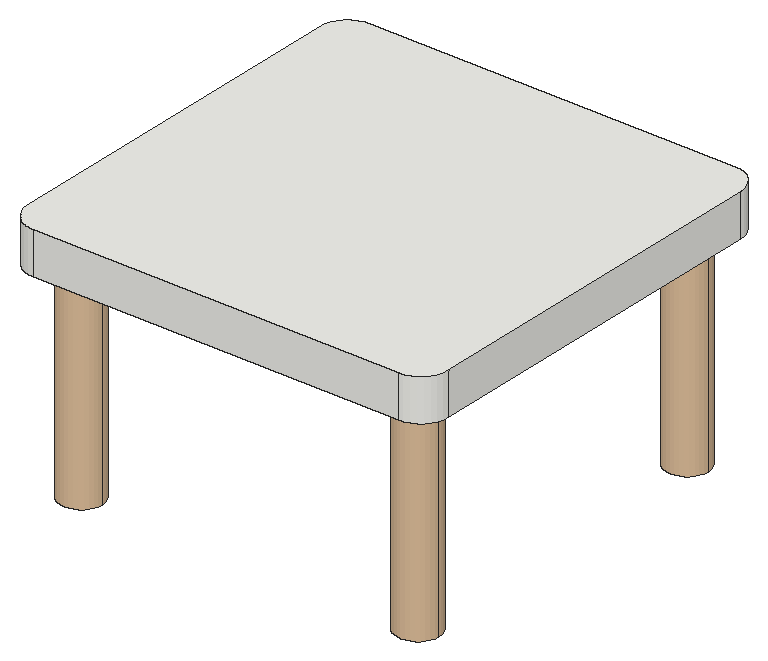
Revit family "Family2025", category Furniture, Revit 2025
Family settings
  OmniClass Number = 23.40.20.14.17
  OmniClass Title = Residential Tables and Cabinets
  Work Plane-Based = No
  Enable Cutting in Views = No
  Always vertical = Yes
  Cut with Voids When Loaded = No
  Render Appearance Source = Family Geometry
  Shared = Yes
  Room Calculation Point = No
Parameters (values of type "0762 x 0762mm")
  Default Elevation = 0.00 mm
  Base Material = Wood - Birch
  Height = 457.00 mm
  Length = 762.00 mm
  Top Material = Laminate - Ivory, Matte
  Width = 762.00 mm
Types (4, lengths in mm): name | Height | Length | Width
  (no name) | 457.00 | 762.00 | 762.00
  0610 x 0160mm | 762.00 | 610.00 | 610.00
  0762 x 0762mm | 457.00 | 762.00 | 762.00
  0610 x 0915mm | 762.00 | 610.00 | 915.00
Reference planes
  plane 1: y = 152.4
  plane 2: z = 0
  plane 3 "Left": x = 3.734
  plane 4 "Right": x = 765.734
  plane 5 "Back": y = 533.4
  plane 6 "Front": y = -228.6
  plane 7: x = 384.734
Forms (mm)
  Extrusion 1, solid, material "Laminate - Ivory, Matte" <- "Top Material"
    sketch origin (0, 0, 0) x (1, 0, 0) y (0, 1, 0)
      loop
        line (54.534, -228.6) -> (714.934, -228.6)
        arc (714.934, -228.6) -> (750.855, -213.721) -> (765.734, -177.8) r 50.8
        line (765.734, -177.8) -> (765.734, 482.6)
        arc (765.734, 482.6) -> (750.855, 518.521) -> (714.934, 533.4) r 50.8
        line (714.934, 533.4) -> (54.534, 533.4)
        arc (54.534, 533.4) -> (18.613, 518.521) -> (3.734, 482.6) r 50.8
        line (3.734, 482.6) -> (3.734, -177.8)
        arc (3.734, -177.8) -> (18.613, -213.721) -> (54.534, -228.6) r 50.8
    from 380.8 to 457
  Extrusion 2, solid, material "Wood - Birch" <- "Base Material"
    sketch origin (0, 0, 0) x (1, 0, 0) y (0, 1, 0)
      loop
        circle (79.934, 457.2) r 38.1
      loop
        circle (79.934, -152.4) r 38.1
      loop
        circle (689.534, -152.4) r 38.1
      loop
        circle (689.534, 457.2) r 38.1
    from 0 to 380.8
Lines and regions (mm)
  Masking region 1
    outline origin (0, 0, 0) x (1, 0, 0) y (0, 1, 0)
      loop
        arc (54.534, 533.4) -> (18.613, 518.521) -> (3.734, 482.6) r 50.8
        line (3.734, 482.6) -> (3.734, -177.8)
        arc (3.734, -177.8) -> (18.613, -213.721) -> (54.534, -228.6) r 50.8
        line (54.534, -228.6) -> (714.934, -228.6)
        arc (714.934, -228.6) -> (750.855, -213.721) -> (765.734, -177.8) r 50.8
        line (765.734, -177.8) -> (765.734, 482.6)
        arc (765.734, 482.6) -> (750.855, 518.521) -> (714.934, 533.4) r 50.8
        line (714.934, 533.4) -> (54.534, 533.4)
Dimensions and locks
  locked: Extrusion 1 to Extrusion 1 at 76.2
  "Height": Extrusion 1 to plane 2
  locked: Extrusion 1 to Extrusion 2 sketch curve at 76.2  (x8)
  "Width": plane 5 "Back" to plane 6 "Front"
  "Length": plane 3 "Left" to plane 4 "Right"
  equal spacing: plane 5 "Back", plane 1, plane 6 "Front"
  equal spacing: plane 3 "Left", plane 7, plane 4 "Right"
  radius of Extrusion 1 sketch curve = 50.80 mm  (x4)
  aligned and locked: plane 2 to level
  aligned and locked: plane 6 "Front" to Extrusion 1 sketch curve
  aligned and locked: Extrusion 2 to Extrusion 1
  aligned and locked: Masking region 1 sketch curve to plane 5 "Back"
  aligned and locked: plane 3 "Left" to Masking region 1 sketch curve
  aligned and locked: plane 4 "Right" to Masking region 1 sketch curve
  aligned and locked: Masking region 1 sketch curve to plane 6 "Front"
  aligned: Masking region 1 sketch curve to Extrusion 1
Automatic sketch dimensions
  Extrusion 2 sketch curve to Extrusion 2 sketch curve = 38.10 mm  (x4)
  Extrusion 1 sketch curve to plane 3 "Left" = 0.00 mm
  Extrusion 1 sketch curve to plane 4 "Right" = 0.00 mm
  Extrusion 1 sketch curve to plane 5 "Back" = 0.00 mm
  plane 3 "Left" to Masking region 1 sketch curve = 50.80 mm  (x2)
  plane 4 "Right" to Masking region 1 sketch curve = 50.80 mm  (x2)
